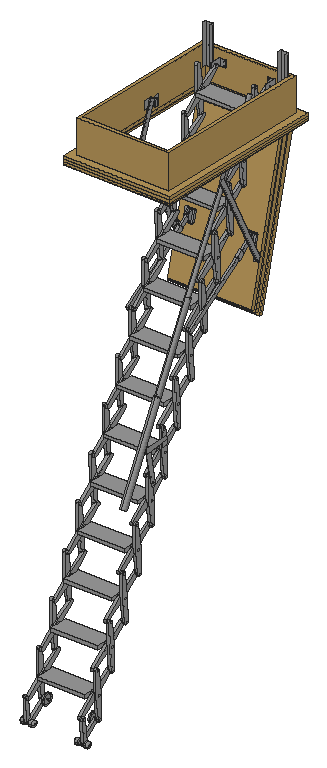
Revit family "schaartrap_Large Ei-60-H 700x1200mm", category Generic Models, Revit 2019 (continued)
Forms (mm)
  Extrusion 40, solid, material "gietaluminium" <- "schaartrap"
    sketch origin (-183, -412.96, -482.845) x (0, 1, 0) y (0, 0, 1)
      loop
        arc (1667.585, 3395.001) -> (1656.024, 3403.786) -> (1645.823, 3393.454) r 11
        arc (1645.823, 3393.454) -> (1646.917, 3221.681) -> (1670.139, 3051.482) r 1330.136
        arc (1670.139, 3051.482) -> (1681.7, 3042.698) -> (1691.901, 3053.03) r 11
      loop
        arc (1815.491, 3325.069) -> (1814.397, 3496.842) -> (1791.175, 3667.041) r 1330.136
        arc (1791.175, 3667.041) -> (1779.614, 3675.826) -> (1769.413, 3665.494) r 11
        arc (1769.413, 3665.494) -> (1770.508, 3493.721) -> (1793.73, 3323.522) r 1330.136
        arc (1793.73, 3323.522) -> (1805.29, 3314.737) -> (1815.491, 3325.069) r 11
      loop
        arc (1939.081, 3597.109) -> (1937.987, 3768.882) -> (1914.765, 3939.081) r 1330.136
        arc (1914.765, 3939.081) -> (1903.205, 3947.865) -> (1893.003, 3937.533) r 11
        arc (1893.003, 3937.533) -> (1894.098, 3765.761) -> (1917.32, 3595.562) r 1330.136
        arc (1917.32, 3595.562) -> (1928.88, 3586.777) -> (1939.081, 3597.109) r 11
      loop
        arc (2062.672, 3869.149) -> (2061.577, 4040.921) -> (2038.355, 4211.121) r 1330.136
        arc (2038.355, 4211.121) -> (2026.795, 4219.905) -> (2016.594, 4209.573) r 11
        arc (2016.594, 4209.573) -> (2017.688, 4037.801) -> (2040.91, 3867.601) r 1330.136
        arc (2040.91, 3867.601) -> (2052.471, 3858.817) -> (2062.672, 3869.149) r 11
    from 386 to 406
  Extrusion 41, solid, material "gietaluminium" <- "schaartrap"
    sketch origin (-183, -416.689, -484.101) x (0, 1, 0) y (0, 0, 1)
      loop
        circle (572.337, 606.569) r 5
      loop
        circle (424.632, 673.673) r 5.05
      loop
        circle (560.28, 776.141) r 5.05
      loop
        circle (695.927, 878.608) r 5.05
      loop
        circle (548.222, 945.712) r 5.05
      loop
        circle (683.87, 1048.18) r 5.05
      loop
        circle (819.518, 1150.648) r 5.05
      loop
        circle (671.812, 1217.752) r 5.05
      loop
        circle (807.46, 1320.22) r 5.05
      loop
        circle (943.108, 1422.688) r 5.05
      loop
        circle (795.402, 1489.792) r 5.05
      loop
        circle (931.05, 1592.26) r 5.05
      loop
        circle (1066.698, 1694.728) r 5.05
      loop
        circle (918.993, 1761.832) r 5.05
      loop
        circle (1054.64, 1864.299) r 5.05
      loop
        circle (1190.288, 1966.767) r 5.05
      loop
        circle (1178.231, 2136.339) r 5.05
      loop
        circle (1042.583, 2033.871) r 5.05
      loop
        circle (1313.879, 2238.807) r 5.05
      loop
        circle (1166.173, 2305.911) r 5.05
      loop
        circle (1301.821, 2408.379) r 5.05
      loop
        circle (1437.469, 2510.847) r 5.05
      loop
        circle (1289.763, 2577.951) r 5.05
      loop
        circle (1425.411, 2680.419) r 5.05
      loop
        circle (1561.059, 2782.886) r 5.05
      loop
        circle (1413.353, 2849.99) r 5.25
      loop
        circle (1549.001, 2952.258) r 5.05
      loop
        circle (1684.649, 3054.726) r 5.05
      loop
        circle (1536.944, 3122.03) r 5.05
      loop
        circle (1672.591, 3224.498) r 5.05
      loop
        circle (1808.239, 3326.966) r 5.05
      loop
        circle (1660.534, 3394.07) r 5.05
      loop
        circle (1796.182, 3496.538) r 5.05
      loop
        circle (1931.83, 3599.005) r 5.05
      loop
        circle (1784.124, 3666.109) r 5.05
      loop
        circle (1919.772, 3768.577) r 5.05
      loop
        circle (2055.42, 3871.045) r 5.05
      loop
        circle (1907.714, 3938.149) r 5.05
      loop
        circle (2043.362, 4040.617) r 5.05
      loop
        circle (2031.304, 4210.189) r 5.05
    from 406 to 411
  Extrusion 42, solid, material "gietaluminium" <- "schaartrap"
    sketch origin (-190, 1622.463, -24.569) x (0, 1, 0) y (0, 0, 1)
      loop
        arc (-1490.982, 115.163) -> (-1428.483, 135.606) -> (-1469.579, 186.941) r 40
        arc (-1469.579, 186.941) -> (-1505.147, 158.467) -> (-1490.982, 115.163) r 40
      loop
        arc (-1488.134, 116.796) -> (-1431.397, 136.334) -> (-1467.82, 184.023) r 37
        arc (-1467.82, 184.023) -> (-1502.233, 157.739) -> (-1488.134, 116.796) r 37
    from 359 to 370
  Extrusion 43, solid, material "gietaluminium" <- "schaartrap"
    sketch origin (0, 1622.463, -24.569) x (0, 1, 0) y (0, 0, 1)
      loop
        arc (-1467.82, 184.023) -> (-1502.233, 157.739) -> (-1488.134, 116.796) r 37
        arc (-1488.134, 116.796) -> (-1431.397, 136.334) -> (-1467.82, 184.023) r 37
    from 173 to 176.5
  Extrusion 44, solid, material "gietaluminium" <- "schaartrap"
    sketch origin (518, 1625.342, -24.566) x (0, 1, 0) y (0, 0, -1)
      loop
        circle (-1466.815, -147.037) r 5
    from 359 to 335
  Extrusion 45, solid, material "gietaluminium" <- "schaartrap"
    sketch origin (0, 1952.466, 1158.056) x (0, 0.802537, 0.596603) y (0, -0.596603, 0.802537)
      loop
        arc (615.124, 1494.243) -> (620.882, 1496.325) -> (623.482, 1501.869) r 8
        line (623.482, 1501.869) -> (624.123, 1515.854)
        arc (624.123, 1515.854) -> (622.051, 1521.601) -> (616.526, 1524.211) r 8
        line (616.526, 1524.211) -> (-60.768, 1555.236) -> (-62.141, 1525.267) -> (615.124, 1494.243)
      loop
        circle (-46.47, 1539.565) r 5.25
      loop
        circle (-26.491, 1538.65) r 5.25
      loop
        circle (-6.512, 1537.735) r 5.25
    from 223 to 238
  Extrusion 46, solid, material "gietaluminium" <- "schaartrap"
    sketch origin (0, 2015.518, 1262.726) x (0, 0.802537, 0.596603) y (0, -0.596603, 0.802537)
      loop
        line (417.371, 1449.236) -> (418.973, 1484.199) -> (365.234, 1486.661) -> (363.632, 1451.698) -> (417.371, 1449.236)
    from 220 to 241
  Extrusion 47, solid, material "gietaluminium" <- "schaartrap"
    sketch origin (0, 1079.102, 586.598) x (0, 0.994439, 0.105318) y (0, -0.105318, 0.994439)
      loop
        line (718.914, 2126.424) -> (684.295, 2102.275) -> (682.519, 2100.822)
        arc (682.519, 2100.822) -> (678.43, 2094.009) -> (678.395, 2086.064) r 15
        line (678.395, 2086.064) -> (689.392, 2045.312) -> (718.914, 2126.424)
      loop
        circle (692.877, 2089.972) r 4
    from 238 to 246
  Extrusion 48, solid, material "gietaluminium" <- "schaartrap"
    sketch origin (-23, 1090.825, 587.84) x (0, 0.994439, 0.105318) y (0, -0.105318, 0.994439)
      loop
        line (707.126, 2126.424) -> (672.506, 2102.275) -> (670.73, 2100.822)
        arc (670.73, 2100.822) -> (666.641, 2094.009) -> (666.606, 2086.064) r 15
        line (666.606, 2086.064) -> (677.603, 2045.312) -> (707.126, 2126.424)
      loop
        circle (681.088, 2089.972) r 4
    from 238 to 246
  Extrusion 49, solid, material "gietaluminium" <- "schaartrap"
    sketch origin (629, 1646.986, 0) x (0, 1, 0) y (0, 0, -1)
      loop
        circle (-1626.986, -20) r 20
    from 446 to 466
  Extrusion 50, solid, material "gietaluminium" <- "schaartrap"
    sketch origin (-223, 1646.986, 0) x (0, 1, 0) y (0, 0, 1)
      loop
        circle (-1626.986, 20) r 20
    from 446 to 466
  Sweep 51, solid, material "gietaluminium" <- "schaartrap"
    path origin (243, 1646.986, 0) x (0, 1, 0) y (0, 0, 1)
      loop
        circle (-1626.986, 20) r 20
    profile origin (243, 20, 40) x (0, 0, -1) y (1, 0, 0)
      loop
        line (7.976, 0) -> (7.976, 10)
        arc (7.976, 10) -> (2.238, 6.396) -> (0, 0) r 10.257
        line (0, 0) -> (7.976, 0)
  Extrusion 52, solid, material "gietaluminium" <- "schaartrap"
    sketch origin (0, -9.296, -482.845) x (0, 1, 0) y (0, 0, 1)
      loop
        circle (152.886, 774.885) r 21
      loop
        circle (276.477, 1046.924) r 21
      loop
        circle (400.067, 1318.964) r 21
      loop
        circle (523.657, 1591.004) r 21
      loop
        circle (647.247, 1863.043) r 21
      loop
        circle (770.837, 2135.083) r 21
      loop
        circle (894.428, 2407.123) r 21
      loop
        circle (1018.018, 2679.162) r 21
      loop
        circle (1141.608, 2951.002) r 21
      loop
        circle (1265.198, 3223.242) r 21
      loop
        circle (1388.788, 3495.282) r 21
      loop
        circle (1512.379, 3767.321) r 21
      loop
        circle (1635.969, 4039.361) r 21
    from 183 to 180
  Extrusion 53, solid, material "gietaluminium" <- "schaartrap"
    sketch origin (-7.5, 1530.532, 2585.275) x (0, 0.241922, 0.970296) y (-1, 0, 0)
      loop
        line (92.201, -280.5) -> (32.201, -280.5) -> (32.201, -315) -> (92.201, -315) -> (92.201, -280.5)
    from 0 to 3.5
  Extrusion 54, solid, material "gietaluminium" <- "schaartrap"
    sketch origin (0, 1700.252, -482.845) x (0, -1, 0) y (0, 0, 1)
      loop
        circle (1556.661, 774.885) r 5.05
      loop
        circle (1433.071, 1046.924) r 5.05
      loop
        circle (1309.481, 1318.964) r 5.05
      loop
        circle (1185.891, 1591.004) r 5.05
      loop
        circle (1062.301, 1863.043) r 5.05
      loop
        circle (938.71, 2135.083) r 5.05
      loop
        circle (815.12, 2407.123) r 5.05
      loop
        circle (691.53, 2679.162) r 5.05
      loop
        circle (567.94, 2951.002) r 5.05
      loop
        circle (444.35, 3223.242) r 5.05
      loop
        circle (320.759, 3495.282) r 5.05
      loop
        circle (197.169, 3767.321) r 5.05
      loop
        circle (73.579, 4039.361) r 5.05
    from 180 to 176.5
  Extrusion 55, solid, material "gietaluminium" <- "schaartrap", not visible
    sketch origin (183, 0, 0) x (0, 1, 0) y (0, 0, 1)
      loop
        circle (1556.661, 774.885) r 5.05
      loop
        circle (1433.071, 1046.924) r 5.05
      loop
        circle (1309.481, 1318.964) r 5.05
      loop
        circle (1185.891, 1591.004) r 5.05
      loop
        circle (1062.301, 1863.043) r 5.05
      loop
        circle (938.71, 2135.083) r 5.05
      loop
        circle (815.12, 2407.123) r 5.05
      loop
        circle (691.53, 2679.162) r 5.05
      loop
        circle (567.94, 2951.002) r 5.05
      loop
        circle (444.35, 3223.242) r 5.05
      loop
        circle (320.759, 3495.282) r 5.05
      loop
        circle (197.169, 3767.321) r 5.05
      loop
        circle (73.579, 4039.361) r 5.05
    from 180 to 176.5
  Extrusion 56, solid, material "gietaluminium" <- "schaartrap"
    sketch origin (0, -1700.252, -482.845) x (0, 1, 0) y (0, 0, 1)
      loop
        circle (1843.842, 774.885) r 5.05
      loop
        circle (1967.432, 1046.924) r 5.05
      loop
        circle (2091.022, 1318.964) r 5.05
      loop
        circle (2214.613, 1591.004) r 5.05
      loop
        circle (2338.203, 1863.043) r 5.05
      loop
        circle (2461.793, 2135.083) r 5.05
      loop
        circle (2585.383, 2407.123) r 5.05
      loop
        circle (2708.973, 2679.162) r 5.05
      loop
        circle (2832.564, 2951.002) r 5.05
      loop
        circle (2956.154, 3223.242) r 5.05
      loop
        circle (3079.744, 3495.282) r 5.05
      loop
        circle (3203.334, 3767.321) r 5.05
      loop
        circle (3326.924, 4039.361) r 5.05
    from 180 to 176.5
  Sweep 57, solid, material "gietaluminium" <- "schaartrap"
    path origin (163, 1646.986, 0) x (0, 1, 0) y (0, 0, -1)
      loop
        circle (-1626.986, -20) r 20
    profile origin (163, 20, 40) x (0, 0, 1) y (-1, 0, 0)
      loop
        line (-7.976, 0) -> (0, 0)
        arc (0, 0) -> (-2.238, 6.396) -> (-7.976, 10) r 10.257
        line (-7.976, 10) -> (-7.976, 0)
  Sweep 58, solid, material "gietaluminium" <- "schaartrap"
    path origin (-243, 1646.986, 0) x (0, 1, 0) y (0, 0, -1)
      loop
        circle (-1626.986, -20) r 20
    profile origin (-243, 20, 40) x (0, 0, 1) y (-1, 0, 0)
      loop
        line (-7.976, 0) -> (0, 0)
        arc (0, 0) -> (-2.238, 6.396) -> (-7.976, 10) r 10.257
        line (-7.976, 10) -> (-7.976, 0)
  Sweep 59, solid, material "gietaluminium" <- "schaartrap"
    path origin (-163, 1646.986, 0) x (0, 1, 0) y (0, 0, 1)
      loop
        circle (-1626.986, 20) r 20
    profile origin (-163, 20, 40) x (0, 0, -1) y (1, 0, 0)
      loop
        line (7.976, 0) -> (7.976, 10)
        arc (7.976, 10) -> (2.238, 6.396) -> (0, 0) r 10.257
        line (0, 0) -> (7.976, 0)
  Extrusion 60, solid, material "gietaluminium" <- "schaartrap"
    sketch origin (-629, 1646.986, 0) x (0, 1, 0) y (0, 0, 1)
      loop
        circle (-1626.986, 20) r 20
    from 446 to 466
  Extrusion 61, solid, material "gietaluminium" <- "schaartrap"
    sketch origin (223, 1646.986, 0) x (0, 1, 0) y (0, 0, -1)
      loop
        circle (-1626.986, -20) r 20
    from 446 to 466
  Sweep 62, solid, material "hout" <- "deksel"
    path origin (0, -107.279, 3750) x (0, 1, 0) y (-1, 0, 0)
      loop
        line (1945.599, 342.5) -> (755.599, 342.5) -> (755.599, -342.5) -> (1945.599, -342.5) -> (1945.599, 342.5)
    profile origin (0, 1838.321, 3750) x (0, 1, 0) y (0, 0, 1)
      loop
        line (0, 0) -> (-24, 0) -> (-24, -249.999) -> (0, -249.999) -> (0, 0)
  Extrusion 63, void
    sketch origin (0, 748.608, 443.5) x (0, 1, 0) y (0, 0, 1)
      loop
        circle (1047.17, 3434.035) r 5.25
      loop
        circle (1047.17, 3414.035) r 5.25
      loop
        circle (1047.17, 3394.035) r 5.25
      loop
        circle (1047.17, 3374.035) r 5.25
      loop
        circle (1047.17, 3354.035) r 5.25
      loop
        circle (1047.17, 3334.035) r 5.25
      loop
        circle (1047.17, 3314.035) r 5.25
      loop
        circle (1047.17, 3294.035) r 5.25
      loop
        circle (1047.17, 3274.035) r 5.25
      loop
        circle (1047.17, 3254.035) r 5.25
      loop
        circle (1047.17, 3234.035) r 5.25
      loop
        circle (1047.17, 3214.035) r 5.25
      loop
        circle (1047.17, 3194.035) r 5.25
      loop
        circle (1047.17, 3174.035) r 5.25
      loop
        arc (1040.712, 3159.035) -> (1034.35, 3161.67) -> (1031.715, 3168.033) r 8.998
        line (1031.715, 3168.033) -> (1026.715, 3168.033) -> (1026.715, 3153.033) -> (1040.712, 3153.033) -> (1040.712, 3159.035)
    from -292.5 to -252.5
  Extrusion 64, solid, material "gietaluminium" <- "schaartrap"
    sketch origin (16, 740.199, 566.742) x (1, 0, 0) y (0, 1, 0)
      loop
        line (-174, 1074.122) -> (-223, 1074.122) -> (-223, 994.712) -> (-219, 994.712) -> (-219, 1070.122) -> (-174, 1070.122) -> (-174, 1074.122)
    from 3070.001 to 3120.001
  Extrusion 65, solid, material "gietaluminium" <- "schaartrap"
    sketch origin (0, 739.576, 415.492) x (0, 1, 0) y (0, 0, 1)
      loop
        circle (1022.741, 3243.3) r 5.05
    from -207 to -212
  Extrusion 66, solid, material "gietaluminium" <- "schaartrap"
    sketch origin (0, 738.199, 415.492) x (0, 1, 0) y (0, 0, -1)
      loop
        circle (1024.118, -3243.3) r 5.05
    from -207 to -212
  Extrusion 67, solid, material "gietaluminium" <- "schaartrap"
    sketch origin (-16, 740.199, 566.742) x (-1, 0, 0) y (0, -1, 0)
      loop
        line (-174, -1074.122) -> (-174, -1070.122) -> (-219, -1070.122) -> (-219, -994.712) -> (-223, -994.712) -> (-223, -1074.122) -> (-174, -1074.122)
    from 3070.001 to 3120.001
  Extrusion 68, solid, material "gietaluminium" <- "schaartrap"
    sketch origin (-4822.485, -1666.008, 552.534) x (1, 0, 0) y (0, 1, 0)
      loop
        line (4512.985, 3475.327) -> (4512.985, 3448.329) -> (4514.985, 3448.329) -> (4514.985, 3475.327)
        arc (4514.985, 3475.327) -> (4515.278, 3476.035) -> (4515.986, 3476.329) r 1.001
        line (4515.986, 3476.329) -> (4566.985, 3476.329)
        arc (4566.985, 3476.329) -> (4567.692, 3476.036) -> (4567.985, 3475.329) r 1
        line (4567.985, 3475.329) -> (4567.985, 3448.329) -> (4569.985, 3448.329) -> (4569.985, 3475.329)
        arc (4569.985, 3475.329) -> (4569.106, 3477.45) -> (4566.985, 3478.329) r 3
        line (4566.985, 3478.329) -> (4515.986, 3478.329)
        arc (4515.986, 3478.329) -> (4513.864, 3477.45) -> (4512.985, 3475.327) r 3.001
    from 3050.001 to 3350.001
  Extrusion 69, void
    sketch origin (0, 748.608, 443.5) x (0, 1, 0) y (0, 0, -1)
      loop
        circle (1047.17, -3434.035) r 5.25
      loop
        circle (1047.17, -3414.035) r 5.25
      loop
        circle (1047.17, -3394.035) r 5.25
      loop
        circle (1047.17, -3374.035) r 5.25
      loop
        circle (1047.17, -3354.035) r 5.25
      loop
        circle (1047.17, -3334.035) r 5.25
      loop
        circle (1047.17, -3314.035) r 5.25
      loop
        circle (1047.17, -3294.035) r 5.25
      loop
        circle (1047.17, -3274.035) r 5.25
      loop
        circle (1047.17, -3254.035) r 5.25
      loop
        circle (1047.17, -3234.035) r 5.25
      loop
        circle (1047.17, -3214.035) r 5.25
      loop
        circle (1047.17, -3194.035) r 5.25
      loop
        circle (1047.17, -3174.035) r 5.25
      loop
        line (1040.712, -3159.035) -> (1040.712, -3153.033) -> (1026.715, -3153.033) -> (1026.715, -3168.033) -> (1031.715, -3168.033)
        arc (1031.715, -3168.033) -> (1034.35, -3161.67) -> (1040.712, -3159.035) r 8.998
    from -292.5 to -252.5
  Extrusion 70, solid, material "gietaluminium" <- "schaartrap"
    sketch origin (4822.485, -1666.008, 552.534) x (-1, 0, 0) y (0, -1, 0)
      loop
        arc (4512.985, -3475.327) -> (4513.864, -3477.45) -> (4515.986, -3478.329) r 3.001
        line (4515.986, -3478.329) -> (4566.985, -3478.329)
        arc (4566.985, -3478.329) -> (4569.106, -3477.45) -> (4569.985, -3475.329) r 3
        line (4569.985, -3475.329) -> (4569.985, -3448.329) -> (4567.985, -3448.329) -> (4567.985, -3475.329)
        arc (4567.985, -3475.329) -> (4567.692, -3476.036) -> (4566.985, -3476.329) r 1
        line (4566.985, -3476.329) -> (4515.986, -3476.329)
        arc (4515.986, -3476.329) -> (4515.278, -3476.035) -> (4514.985, -3475.327) r 1.001
        line (4514.985, -3475.327) -> (4514.985, -3448.329) -> (4512.985, -3448.329) -> (4512.985, -3475.327)
    from 3050.001 to 3350.001
  Extrusion 71, solid, material "hout" <- "deksel"
    sketch origin (0, 738.199, 500) x (1, 0, 0) y (0, 1, 0)
      loop
        line (-395, -143.878) -> (395, -143.878) -> (395, 1146.122) -> (-395, 1146.122) -> (-395, -143.878)
      loop
        line (-318.5, 1076.122) -> (-318.5, -65.878) -> (318.5, -65.878) -> (318.5, 1076.122) -> (-318.5, 1076.122)
    from 2978.001 to 3000.001
  Extrusion 72, solid, material "hout" <- "deksel"
    sketch origin (0, 738.199, 478) x (1, 0, 0) y (0, 1, 0)
      loop
        line (-395, -143.878) -> (395, -143.878) -> (395, 1146.122) -> (-395, 1146.122) -> (-395, -143.878)
      loop
        line (-333.5, 1091.122) -> (-333.5, -80.878) -> (333.5, -80.878) -> (333.5, 1091.122) -> (-333.5, 1091.122)
    from 2978.001 to 3000.001
  Extrusion 73, solid, material "hout" <- "deksel"
    sketch origin (0, 738.199, 456) x (1, 0, 0) y (0, 1, 0)
      loop
        line (-395, -143.878) -> (395, -143.878) -> (395, 1146.122) -> (-395, 1146.122) -> (-395, -143.878)
      loop
        line (-348.5, 1106.122) -> (-348.5, -95.878) -> (348.5, -95.878) -> (348.5, 1106.122) -> (-348.5, 1106.122)
    from 2974 to 3000.001
  Sweep 74, void
    path origin (0, -107.279, 3750) x (0, 1, 0) y (-1, 0, 0)
      loop
        line (1991.599, 395) -> (701.599, 395) -> (701.599, -395) -> (1991.599, -395) -> (1991.599, 395)
    profile origin (0, 1884.321, 3750) x (0, 1, 0) y (0, 0, 1)
      loop
        line (0, -310) -> (-10, -320) -> (0, -320) -> (0, -310)
  Extrusion 75, solid, material "hout" <- "deksel"
    sketch origin (0, 548.729, 517.167) x (0, 0.997564, -0.069756) y (0, 0.069756, 0.997564)
      loop
        line (1057.928, 2991.895) -> (1031.831, 2996.497) -> (826.578, 1832.454) -> (852.676, 1827.852) -> (1057.928, 2991.895)
    from -342 to 342
  Extrusion 76, solid, material "hout" <- "deksel"
    sketch origin (0, 522.517, 539.161) x (0, 0.997564, -0.069756) y (0, 0.069756, 0.997564)
      loop
        line (1056.908, 2961.612) -> (1035.735, 2965.345) -> (835.692, 1830.847) -> (856.866, 1827.113) -> (1056.908, 2961.612)
    from -327 to 327
  Extrusion 77, solid, material "hout" <- "deksel"
    sketch origin (0, 498.026, 529.808) x (0, 0.997564, -0.069756) y (0, 0.069756, 0.997564)
      loop
        line (1056.908, 2961.612) -> (1035.243, 2965.432) -> (840.409, 1860.478) -> (862.075, 1856.658) -> (1056.908, 2961.612)
    from -312 to 312
  Extrusion 78, solid, material "gietaluminium" <- "schaartrap"
    sketch origin (23.829, 1655.215, 2905.542) x (0, 0.241922, 0.970296) y (-1, 0, 0)
      loop
        line (-141.716, 229.5) -> (-141.716, 280.5)
        arc (-141.716, 280.5) -> (-144.645, 287.571) -> (-151.716, 290.5) r 10
        line (-151.716, 290.5) -> (-225.111, 290.5)
        arc (-225.111, 290.5) -> (-232.183, 287.571) -> (-235.111, 280.5) r 10
        line (-235.111, 280.5) -> (-235.111, 229.5)
        arc (-235.111, 229.5) -> (-232.183, 222.429) -> (-225.111, 219.5) r 10
        line (-225.111, 219.5) -> (-151.716, 219.5)
        arc (-151.716, 219.5) -> (-144.645, 222.429) -> (-141.716, 229.5) r 10
    from 43.5 to 51.5
  Extrusion 79, solid, material "gietaluminium" <- "schaartrap"
    sketch origin (-23.829, 1655.215, 2905.542) x (0, 0.241922, 0.970296) y (-1, 0, 0)
      loop
        arc (-141.716, -229.5) -> (-144.645, -222.429) -> (-151.716, -219.5) r 10
        line (-151.716, -219.5) -> (-225.111, -219.5)
        arc (-225.111, -219.5) -> (-232.183, -222.429) -> (-235.111, -229.5) r 10
        line (-235.111, -229.5) -> (-235.111, -280.5)
        arc (-235.111, -280.5) -> (-232.183, -287.571) -> (-225.111, -290.5) r 10
        line (-225.111, -290.5) -> (-151.716, -290.5)
        arc (-151.716, -290.5) -> (-144.645, -287.571) -> (-141.716, -280.5) r 10
        line (-141.716, -280.5) -> (-141.716, -229.5)
    from 43.5 to 51.5
  Extrusion 80, solid, material "gietaluminium" <- "schaartrap"
    sketch origin (-9.5, -1274.602, 145.838) x (0, 0.997564, -0.069756) y (0, 0.069756, 0.997564)
      loop
        arc (2604.593, 2701.275) -> (2601.513, 2697.026) -> (2602.953, 2691.98) r 6
        line (2602.953, 2691.98) -> (2630.279, 2661.491) -> (2640.698, 2720.579) -> (2604.593, 2701.275)
      loop
        circle (2616.285, 2694.421) r 4
    from -298 to -294
  Extrusion 81, solid, material "gietaluminium" <- "schaartrap"
    sketch origin (-17.5, -669.003, -81.328) x (0, 0.986366, 0.164567) y (0, -0.164567, 0.986366)
      loop
        arc (2600.078, 2322.429) -> (2616.474, 2320.156) -> (2628.749, 2331.261) r 19.571
        line (2628.749, 2331.261) -> (2408.526, 3046.126)
        arc (2408.526, 3046.126) -> (2392.13, 3048.399) -> (2379.856, 3037.293) r 19.571
        line (2379.856, 3037.293) -> (2600.078, 2322.429)
    from -294 to -290
  Extrusion 82, solid, material "gietaluminium" <- "schaartrap", not visible
    sketch origin (192.5, 2974.854, 628.682) x (0, -0.997564, -0.069756) y (0, -0.069756, 0.997564)
      loop
        arc (2604.593, 2701.275) -> (2601.513, 2697.026) -> (2602.953, 2691.98) r 6
        line (2602.953, 2691.98) -> (2630.279, 2661.491) -> (2640.698, 2720.579) -> (2604.593, 2701.275)
      loop
        circle (2616.285, 2694.421) r 4
    from -298 to -294
  Extrusion 83, solid, material "gietaluminium" <- "schaartrap", not visible
    sketch origin (200.5, 2369.255, 401.517) x (0, -0.986366, 0.164567) y (0, 0.164567, 0.986366)
      loop
        arc (2600.078, 2322.429) -> (2616.474, 2320.156) -> (2628.749, 2331.261) r 19.571
        line (2628.749, 2331.261) -> (2408.526, 3046.126)
        arc (2408.526, 3046.126) -> (2392.13, 3048.399) -> (2379.856, 3037.293) r 19.571
        line (2379.856, 3037.293) -> (2600.078, 2322.429)
    from -294 to -290
  Extrusion 84, solid, material "gietaluminium" <- "schaartrap"
    sketch origin (9.5, 1274.602, 145.838) x (0, -0.997564, -0.069756) y (0, -0.069756, 0.997564)
      loop
        line (-412.195, 2490.321) -> (-450.636, 2504.412) -> (-432.095, 2447.349) -> (-409.278, 2481.344)
        arc (-409.278, 2481.344) -> (-408.554, 2486.542) -> (-412.195, 2490.321) r 6
      loop
        circle (-422.819, 2481.906) r 4
    from -298 to -294
  Extrusion 85, solid, material "gietaluminium" <- "schaartrap"
    sketch origin (17.5, 669.003, -81.328) x (0, -0.986366, 0.164567) y (0, 0.164567, 0.986366)
      loop
        line (-385.515, 2820.55) -> (54.857, 3425.2)
        arc (54.857, 3425.2) -> (46.853, 3439.689) -> (30.607, 3442.861) r 19.571
        line (30.607, 3442.861) -> (-409.765, 2838.212)
        arc (-409.765, 2838.212) -> (-401.761, 2823.722) -> (-385.515, 2820.55) r 19.571
    from -294 to -290
  Extrusion 86, void
    sketch origin (0, 304.074, 692.856) x (0, 0.98686, -0.16158) y (0, 0.16158, 0.98686)
      loop
        circle (512.163, 3080.909) r 3.25
      loop
        circle (593.086, 3094.159) r 3.25
    from -342.5 to 342.5
  Extrusion 87, void
    sketch origin (0, 762.468, 499.999) x (0, 1, 0) y (0, 0, 1)
      loop
        circle (536.353, 3089.092) r 3.25
      loop
        circle (453.832, 2725.035) r 4
      loop
        circle (495.947, 3096.702) r 3.25
      loop
        circle (495.947, 3063.301) r 3.25
      loop
        circle (591.249, 3085.07) r 3.25
      loop
        circle (748.479, 2051.679) r 4
    from -317.5 to 318.5
  Extrusion 88, solid, material "gietaluminium" <- "schaartrap"
    sketch origin (-17.5, -1707.326, 2729.885) x (0, 0.479563, -0.877507) y (0, 0.877507, 0.479563)
      loop
        arc (694.157, 3067.234) -> (679.065, 3061.917) -> (671.094, 3048.043) r 23
        line (671.094, 3048.043) -> (878.576, 2806.65)
        arc (878.576, 2806.65) -> (893.578, 2812.208) -> (901.326, 2826.205) r 23
        line (901.326, 2826.205) -> (694.157, 3067.234)
    from -290 to -286
  Extrusion 89, solid, material "gietaluminium" <- "schaartrap"
    sketch origin (29.517, 864.418, 515.391) x (-1, 0, 0) y (0, -0.99935, -0.036054)
      loop
        line (-288.983, -615.122) -> (-284.983, -615.122) -> (-284.983, -585.029) -> (-262.945, -585.029)
        arc (-262.945, -585.029) -> (-261.558, -584.455) -> (-260.983, -583.067) r 1.962
        line (-260.983, -583.067) -> (-260.983, -567.991)
        arc (-260.983, -567.991) -> (-261.558, -566.604) -> (-262.945, -566.029) r 1.962
        line (-262.945, -566.029) -> (-266.983, -566.029) -> (-280.983, -566.029) -> (-280.983, -570.029) -> (-264.983, -570.029) -> (-264.983, -581.029) -> (-284.983, -581.029) -> (-288.983, -581.029) -> (-288.983, -615.122)
    from 3008.383 to 3062.737
  Extrusion 90, solid, material "gietaluminium" <- "schaartrap"
    sketch origin (0, -998.305, 444.999) x (0, -1, 0) y (0, 0, 1)
      loop
        line (-2245.486, 3165.001) -> (-2308.277, 3165.001) -> (-2314.307, 3135.001) -> (-2308.277, 3105.001) -> (-2245.486, 3105.001) -> (-2245.486, 3165.001)
    from -318.5 to -314.5
  Extrusion 91, solid, material "gietaluminium" <- "schaartrap"
    sketch origin (17.5, 1168.828, 2258.967) x (0, -0.734371, -0.678748) y (0, -0.678748, 0.734371)
      loop
        line (-1013.459, 878.083) -> (-729.249, 735.819)
        arc (-729.249, 735.819) -> (-717.559, 746.742) -> (-715.821, 762.646) r 23
        line (-715.821, 762.646) -> (-1000.459, 905.124)
        arc (-1000.459, 905.124) -> (-1011.976, 894.015) -> (-1013.459, 878.083) r 23
    from -290 to -286
  Extrusion 92, solid, material "gietaluminium" <- "schaartrap"
    sketch origin (0, -1488.914, 858.604) x (0, -0.98686, 0.16158) y (0, 0.16158, 0.98686)
      loop
        line (-2299.582, 3163.825) -> (-2335.167, 3156.672) -> (-2339.365, 3135.789) -> (-2345.781, 3103.868) -> (-2316.853, 3093.339) -> (-2286.635, 3099.413) -> (-2299.582, 3163.825)
    from -314.5 to -310.5
  Extrusion 93, solid, material "gietaluminium" <- "schaartrap"
    sketch origin (-29.517, 864.418, 515.391) x (1, 0, 0) y (0, 0.99935, 0.036054)
      loop
        line (-288.983, 615.122) -> (-288.983, 581.029) -> (-284.983, 581.029) -> (-264.983, 581.029) -> (-264.983, 570.029) -> (-280.983, 570.029) -> (-280.983, 566.029) -> (-266.983, 566.029) -> (-262.945, 566.029)
        arc (-262.945, 566.029) -> (-261.558, 566.604) -> (-260.983, 567.991) r 1.962
        line (-260.983, 567.991) -> (-260.983, 583.067)
        arc (-260.983, 583.067) -> (-261.558, 584.455) -> (-262.945, 585.029) r 1.962
        line (-262.945, 585.029) -> (-284.983, 585.029) -> (-284.983, 615.122) -> (-288.983, 615.122)
    from 3008.383 to 3062.737
  Extrusion 94, solid, material "gietaluminium" <- "schaartrap"
    sketch origin (0, -998.305, 444.999) x (0, -1, 0) y (0, 0, -1)
      loop
        line (-2245.486, -3165.001) -> (-2245.486, -3105.001) -> (-2308.277, -3105.001) -> (-2314.307, -3135.001) -> (-2308.277, -3165.001) -> (-2245.486, -3165.001)
    from -318.5 to -314.5
  Extrusion 95, solid, material "gietaluminium" <- "schaartrap"
    sketch origin (0, -1488.914, 858.604) x (0, -0.98686, 0.16158) y (0, -0.16158, -0.98686)
      loop
        line (-2299.582, -3163.825) -> (-2286.635, -3099.413) -> (-2316.853, -3093.339) -> (-2345.781, -3103.868) -> (-2339.365, -3135.789) -> (-2335.167, -3156.672) -> (-2299.582, -3163.825)
    from -314.5 to -310.5
  Extrusion 96, void
    sketch origin (0, 304.074, 692.856) x (0, 0.98686, -0.16158) y (0, 0.16158, 0.98686)
      loop
        circle (455.832, 2725.035) r 4
      loop
        circle (886.74, 2129.6) r 4
      loop
        circle (123.099, 1079.721) r 4
      loop
        circle (282.569, 1079.068) r 4
      loop
        circle (265.231, 1152.037) r 4
      loop
        arc (206.892, 865.491) -> (201.75, 867.849) -> (199.392, 862.707) r 4
        line (199.392, 862.707) -> (206.352, 843.957)
        arc (206.352, 843.957) -> (211.494, 841.599) -> (213.852, 846.741) r 4
        line (213.852, 846.741) -> (206.892, 865.491)
    from -342.5 to 342.5
  Extrusion 97, solid, material "gietaluminium" <- "schaartrap"
    sketch origin (0, 179.399, 192.856) x (0, 0.995163, -0.098239) y (0, 0.098239, 0.995163)
      loop
        line (280.038, 1590.328) -> (244.48, 1604.57) -> (233.326, 1576.721) -> (269.458, 1562.249)
        arc (269.458, 1562.249) -> (279.429, 1574.524) -> (280.038, 1590.328) r 25
    from 218 to 223
  Extrusion 98, solid, material "gietaluminium" <- "schaartrap", not visible
    sketch origin (0, 212.924, 638.958) x (0, 0.99482, 0.101655) y (0, -0.101655, 0.99482)
      loop
        line (280.038, 1590.328) -> (244.48, 1604.57) -> (233.326, 1576.721) -> (269.458, 1562.249)
        arc (269.458, 1562.249) -> (279.429, 1574.524) -> (280.038, 1590.328) r 25
    from 218 to 223
  Extrusion 99, void
    sketch origin (0, 0, 0) x (1, 0, 0) y (0, 0, 1)
      loop
        circle (165.3, 3675.743) r 3
      loop
        circle (165.3, 3647.743) r 3
      loop
        circle (-165.3, 3675.743) r 3
      loop
        circle (-165.3, 3647.743) r 3
    from -1814.321 to -1810.321
Cuts and joins
  joined: Extrusion 32, Extrusion 33
  joined: Extrusion 49, Sweep 57
  joined: Extrusion 50, Sweep 51
  joined: Sweep 58, Extrusion 61
  joined: Sweep 59, Extrusion 60
  Extrusion 63 cuts Extrusion 68
  Extrusion 69 cuts Extrusion 70
  Sweep 74 cuts Extrusion 73
  Extrusion 86 cuts Extrusion 9
  Extrusion 86 cuts Extrusion 40
  Extrusion 87, Extrusion 96 cuts Extrusion 88
  Extrusion 87 cuts Extrusion 89
  Extrusion 87 cuts Extrusion 90
  Extrusion 87, Extrusion 96 cuts Extrusion 91
  Extrusion 87 cuts Extrusion 92
  Extrusion 86 cuts Sweep 62
  Extrusion 96 cuts Extrusion 85
  Extrusion 96 cuts Extrusion 81
  Extrusion 96 cuts Extrusion 19
  Extrusion 96 cuts Extrusion 18
  Extrusion 96 cuts Extrusion 20
  Extrusion 96 cuts Extrusion 97
  Extrusion 99 cuts Extrusion 67
  Extrusion 99 cuts Extrusion 64
Lines and regions (mm)
  model lines, style "schaartrap stippel"
    curve 1: line (342.5, 648.321, 0) -> (-342.5, 648.321, 0)
    curve 2: line (342.5, 1838.321, 0) -> (342.5, 648.321, 0)
    curve 3: line (-342.5, 648.321, 0) -> (-342.5, 1838.321, 0)
    curve 9: line (-342.5, 1838.321, 0) -> (342.5, 1838.321, 0)
  model lines, style "schaartrap stippel", visible <- "bovenliggende treden"
    curve 4: line (-176.5, 582.701, 0) -> (-176.5, 1838.321, 0)
    curve 5: line (176.5, 582.701, 0) -> (176.5, 1838.321, 0)
    curve 6: line (-176.5, 816.478, 0) -> (176.5, 816.478, 0)
    curve 7: line (0, 585.599, 0) -> (0, 1793.321, 0)
    curve 10: line (0, 1838.321, 0) -> (25.981, 1793.321, 0)
    curve 11: line (25.981, 1793.321, 0) -> (0, 1793.321, 0)
    curve 12: line (0, 1838.321, 0) -> (-25.981, 1793.321, 0)
    curve 13: line (-25.981, 1793.321, 0) -> (0, 1793.321, 0)
    curve 14: line (-176.5, 692.888, 0) -> (176.5, 692.888, 0)
    curve 15: line (-176.5, 940.068, 0) -> (176.5, 940.068, 0)
    curve 16: line (-176.5, 1063.658, 0) -> (176.5, 1063.658, 0)
    curve 17: line (-176.5, 1187.249, 0) -> (176.5, 1187.249, 0)
    curve 18: line (-176.5, 1310.839, 0) -> (176.5, 1310.839, 0)
    curve 19: line (-176.5, 1434.429, 0) -> (176.5, 1434.429, 0)
    curve 20: line (-176.5, 1558.019, 0) -> (176.5, 1558.019, 0)
  model lines
    curve 8: line (0, 75.704, 310.098) -> (0, 1835.777, 4184.27)
    curve 21: line (0, 1884.574, 4291.678) -> (34.056, 1835.777, 4184.27)
    curve 22: line (34.056, 1835.777, 4184.27) -> (0, 1835.777, 4184.27)
    curve 23: line (-34.056, 1835.777, 4184.27) -> (0, 1835.777, 4184.27)
    curve 24: line (0, 1884.574, 4291.678) -> (-34.056, 1835.777, 4184.27)
Dimensions and locks
  equal spacing: plane 4, plane 3 "Center (Left/Right)", plane 5
  locked: plane 4 to plane 5 at 366
  plane 5 to plane 8 to plane 9 = 20 mm locked, 20 mm locked
  plane 7 to plane 6 to plane 4 = 20 mm locked, 20 mm locked
  plane 24 "bk. omtimmering" to level = 3250 mm
  equal spacing: plane 11, plane 3 "Center (Left/Right)", plane 10
  locked: plane 11 to plane 10 at 685
  plane 12 to plane 4 = 4 mm
  plane 14 to plane 15 to plane 13 = 15 mm, 15 mm
  plane 11 to plane 10 = 685 mm
  locked: plane 25 to plane 10 at 52.5
  locked: plane 11 to plane 26 at 52.5
  plane 22 to plane 21 to plane 20 = 15 mm, 15 mm
  plane 17 to plane 18 to plane 19 = 15 mm, 15 mm
  plane 29 to level = 3500 mm
  Extrusion 89 sketch curve to Extrusion 89 sketch curve = 28 mm
  Extrusion 93 sketch curve to Extrusion 93 sketch curve = 28 mm
  aligned and locked: level to plane 2
  aligned and locked: Extrusion 10 to Extrusion 9
  aligned and locked: Extrusion 40 to Extrusion 41
Automatic sketch dimensions
  Extrusion 5 sketch curve to Extrusion 5 sketch curve = 0 mm  (x12)
  Extrusion 5 sketch curve to Extrusion 5 sketch curve = 1.005 mm
  Extrusion 5 sketch curve to Extrusion 5 sketch curve = 1.759 mm
  Extrusion 5 sketch curve to Extrusion 5 sketch curve = 21.32 mm
  Extrusion 5 sketch curve to Extrusion 5 sketch curve = 2.848 mm
  Extrusion 5 sketch curve to Extrusion 5 sketch curve = 30.24 mm
  Extrusion 5 sketch curve to Extrusion 5 sketch curve = 1.633 mm
  Extrusion 6 sketch curve to Extrusion 6 sketch curve = 0 mm  (x2)
  Extrusion 6 sketch curve to Extrusion 6 sketch curve = 1.005 mm
  Extrusion 6 sketch curve to Extrusion 6 sketch curve = 21.32 mm
  Extrusion 6 sketch curve to Extrusion 6 sketch curve = 30.24 mm
  Extrusion 11 sketch curve to Extrusion 11 sketch curve = 0 mm  (x12)
  Extrusion 11 sketch curve to Extrusion 11 sketch curve = 1.005 mm
  Extrusion 11 sketch curve to Extrusion 11 sketch curve = 1.759 mm
  Extrusion 11 sketch curve to Extrusion 11 sketch curve = 21.32 mm
  Extrusion 11 sketch curve to Extrusion 11 sketch curve = 2.848 mm
  Extrusion 11 sketch curve to Extrusion 11 sketch curve = 30.24 mm
  Extrusion 11 sketch curve to Extrusion 11 sketch curve = 1.633 mm
  Extrusion 12 sketch curve to Extrusion 12 sketch curve = 0 mm  (x2)
  Extrusion 12 sketch curve to Extrusion 12 sketch curve = 1.005 mm
  Extrusion 12 sketch curve to Extrusion 12 sketch curve = 21.32 mm
  Extrusion 12 sketch curve to Extrusion 12 sketch curve = 30.24 mm
  Extrusion 13 sketch curve to Extrusion 13 sketch curve = 0 mm  (x2)
  Extrusion 13 sketch curve to Extrusion 13 sketch curve = 5 mm
  Extrusion 32 sketch curve to Extrusion 32 sketch curve = 30 mm  (x2)
  Extrusion 32 sketch curve to Extrusion 32 sketch curve = 677.975 mm
  Extrusion 33 sketch curve to Extrusion 33 sketch curve = 35 mm  (x2)
  Extrusion 33 sketch curve to Extrusion 33 sketch curve = 53.795 mm
  Extrusion 34 sketch curve to Extrusion 34 sketch curve = 86.318 mm
  Extrusion 34 sketch curve to Extrusion 34 sketch curve = 44.796 mm
  Extrusion 34 sketch curve to Extrusion 34 sketch curve = 15 mm  (x3)
  Extrusion 34 sketch curve to Extrusion 34 sketch curve = 2.295 mm  (x2)
  Extrusion 34 sketch curve to Extrusion 34 sketch curve = 42.21 mm  (x2)
  Extrusion 35 sketch curve to Extrusion 35 sketch curve = 86.318 mm
  Extrusion 35 sketch curve to Extrusion 35 sketch curve = 44.796 mm
  Extrusion 35 sketch curve to Extrusion 35 sketch curve = 15 mm  (x3)
  Extrusion 35 sketch curve to Extrusion 35 sketch curve = 2.295 mm  (x2)
  Extrusion 35 sketch curve to Extrusion 35 sketch curve = 42.21 mm  (x2)
  Extrusion 42 sketch curve to Extrusion 42 sketch curve = 0 mm  (x12)
  Extrusion 42 sketch curve to Extrusion 42 sketch curve = 1.005 mm
  Extrusion 42 sketch curve to Extrusion 42 sketch curve = 1.759 mm
  Extrusion 42 sketch curve to Extrusion 42 sketch curve = 21.32 mm
  Extrusion 42 sketch curve to Extrusion 42 sketch curve = 2.848 mm
  Extrusion 42 sketch curve to Extrusion 42 sketch curve = 30.24 mm
  Extrusion 42 sketch curve to Extrusion 42 sketch curve = 1.633 mm
  Extrusion 43 sketch curve to Extrusion 43 sketch curve = 0 mm  (x2)
  Extrusion 43 sketch curve to Extrusion 43 sketch curve = 1.005 mm
  Extrusion 43 sketch curve to Extrusion 43 sketch curve = 21.32 mm
  Extrusion 43 sketch curve to Extrusion 43 sketch curve = 30.24 mm
  Extrusion 44 sketch curve to Extrusion 44 sketch curve = 0 mm  (x2)
  Extrusion 44 sketch curve to Extrusion 44 sketch curve = 5 mm
  Extrusion 39 sketch curve to Extrusion 39 sketch curve = 0 mm  (x91)
  Extrusion 39 sketch curve to Extrusion 39 sketch curve = 123.59 mm  (x37)
  Extrusion 39 sketch curve to Extrusion 39 sketch curve = 652.834 mm
  Extrusion 39 sketch curve to Extrusion 39 sketch curve = 0.606 mm
  Extrusion 39 sketch curve to Extrusion 39 sketch curve = 12.179 mm
  Extrusion 39 sketch curve to Extrusion 39 sketch curve = 8.771 mm
  Extrusion 39 sketch curve to Extrusion 39 sketch curve = 138.404 mm
  Extrusion 39 sketch curve to Extrusion 39 sketch curve = 6.493 mm
  Extrusion 39 sketch curve to Extrusion 39 sketch curve = 6.891 mm
  Extrusion 39 sketch curve to Extrusion 39 sketch curve = 147.706 mm  (x12)
  Extrusion 39 sketch curve to Extrusion 39 sketch curve = 772.342 mm
  Extrusion 39 sketch curve to Extrusion 39 sketch curve = 272.04 mm  (x36)
  Extrusion 39 sketch curve to Extrusion 39 sketch curve = 488.09 mm
  Extrusion 39 sketch curve to Extrusion 39 sketch curve = 12.231 mm
  Extrusion 39 sketch curve to Extrusion 39 sketch curve = 91.052 mm
  Extrusion 39 sketch curve to Extrusion 39 sketch curve = 8.28 mm
  Extrusion 39 sketch curve to Extrusion 39 sketch curve = 61.044 mm
  Extrusion 39 sketch curve to Extrusion 39 sketch curve = 265.979 mm
  Extrusion 39 sketch curve to Extrusion 39 sketch curve = 67.104 mm  (x12)
  Extrusion 39 sketch curve to Extrusion 39 sketch curve = 330.148 mm
  Extrusion 39 sketch curve to Extrusion 39 sketch curve = 7.706 mm  (x13)
  Extrusion 39 sketch curve to Extrusion 39 sketch curve = 4.711 mm
  Extrusion 39 sketch curve to Extrusion 39 sketch curve = 4.897 mm  (x13)
  Extrusion 39 sketch curve to Extrusion 39 sketch curve = 0.854 mm  (x12)
  Extrusion 40 sketch curve to Extrusion 40 sketch curve = 123.59 mm  (x36)
  Extrusion 40 sketch curve to Extrusion 40 sketch curve = 911.518 mm
  Extrusion 40 sketch curve to Extrusion 40 sketch curve = 7.953 mm
  Extrusion 40 sketch curve to Extrusion 40 sketch curve = 10.745 mm  (x2)
  Extrusion 40 sketch curve to Extrusion 40 sketch curve = 14.906 mm
  Extrusion 40 sketch curve to Extrusion 40 sketch curve = 14.737 mm
  Extrusion 40 sketch curve to Extrusion 40 sketch curve = 112.595 mm
  Extrusion 40 sketch curve to Extrusion 40 sketch curve = 136.711 mm
  Extrusion 40 sketch curve to Extrusion 40 sketch curve = 147.706 mm  (x12)
  Extrusion 40 sketch curve to Extrusion 40 sketch curve = 922.014 mm
  Extrusion 40 sketch curve to Extrusion 40 sketch curve = 0.798 mm
  Extrusion 40 sketch curve to Extrusion 40 sketch curve = 105.92 mm
  Extrusion 40 sketch curve to Extrusion 40 sketch curve = 164.788 mm
  Extrusion 40 sketch curve to Extrusion 40 sketch curve = 0.764 mm
  Extrusion 40 sketch curve to Extrusion 40 sketch curve = 14.374 mm
  Extrusion 40 sketch curve to Extrusion 40 sketch curve = 262.354 mm
  Extrusion 40 sketch curve to Extrusion 40 sketch curve = 272.04 mm  (x37)
  Extrusion 40 sketch curve to Extrusion 40 sketch curve = 67.104 mm  (x12)
  Extrusion 40 sketch curve to Extrusion 40 sketch curve = 10.981 mm  (x13)
  Extrusion 40 sketch curve to Extrusion 40 sketch curve = 0 mm  (x39)
  Extrusion 41 sketch curve to Extrusion 41 sketch curve = 123.59 mm  (x13)
  Extrusion 41 sketch curve to Extrusion 41 sketch curve = 135.648 mm  (x5)
  Extrusion 41 sketch curve to Extrusion 41 sketch curve = 147.706 mm  (x13)
  Extrusion 41 sketch curve to Extrusion 41 sketch curve = 12.058 mm  (x8)
  Extrusion 41 sketch curve to Extrusion 41 sketch curve = 67.104 mm  (x12)
  Extrusion 41 sketch curve to Extrusion 41 sketch curve = 102.468 mm  (x17)
  Extrusion 41 sketch curve to Extrusion 41 sketch curve = 169.572 mm  (x8)
  Extrusion 41 sketch curve to Extrusion 41 sketch curve = 169.372 mm
  Extrusion 41 sketch curve to Extrusion 41 sketch curve = 67.304 mm
  Extrusion 1 sketch curve to Extrusion 1 sketch curve = 0 mm  (x91)
  Extrusion 1 sketch curve to Extrusion 1 sketch curve = 123.59 mm  (x37)
  Extrusion 1 sketch curve to Extrusion 1 sketch curve = 652.834 mm
  Extrusion 1 sketch curve to Extrusion 1 sketch curve = 0.606 mm
  Extrusion 1 sketch curve to Extrusion 1 sketch curve = 12.179 mm
  Extrusion 1 sketch curve to Extrusion 1 sketch curve = 8.771 mm
  Extrusion 1 sketch curve to Extrusion 1 sketch curve = 138.404 mm
  Extrusion 1 sketch curve to Extrusion 1 sketch curve = 6.493 mm
  Extrusion 1 sketch curve to Extrusion 1 sketch curve = 6.891 mm
  Extrusion 1 sketch curve to Extrusion 1 sketch curve = 147.706 mm  (x12)
  Extrusion 1 sketch curve to Extrusion 1 sketch curve = 772.342 mm
  Extrusion 1 sketch curve to Extrusion 1 sketch curve = 272.04 mm  (x36)
  Extrusion 1 sketch curve to Extrusion 1 sketch curve = 488.09 mm
  Extrusion 1 sketch curve to Extrusion 1 sketch curve = 12.231 mm
  Extrusion 1 sketch curve to Extrusion 1 sketch curve = 91.052 mm
  Extrusion 1 sketch curve to Extrusion 1 sketch curve = 8.28 mm
  Extrusion 1 sketch curve to Extrusion 1 sketch curve = 61.044 mm
  Extrusion 1 sketch curve to Extrusion 1 sketch curve = 265.979 mm
  Extrusion 1 sketch curve to Extrusion 1 sketch curve = 67.104 mm  (x12)
  Extrusion 1 sketch curve to Extrusion 1 sketch curve = 330.148 mm
  Extrusion 1 sketch curve to Extrusion 1 sketch curve = 7.706 mm  (x13)
  Extrusion 1 sketch curve to Extrusion 1 sketch curve = 4.711 mm
  Extrusion 1 sketch curve to Extrusion 1 sketch curve = 4.897 mm  (x13)
  Extrusion 1 sketch curve to Extrusion 1 sketch curve = 0.854 mm  (x12)
  Extrusion 2 sketch curve to Extrusion 2 sketch curve = 123.59 mm  (x36)
  Extrusion 2 sketch curve to Extrusion 2 sketch curve = 911.518 mm
  Extrusion 2 sketch curve to Extrusion 2 sketch curve = 7.953 mm
  Extrusion 2 sketch curve to Extrusion 2 sketch curve = 10.745 mm  (x2)
  Extrusion 2 sketch curve to Extrusion 2 sketch curve = 14.906 mm
  Extrusion 2 sketch curve to Extrusion 2 sketch curve = 14.737 mm
  Extrusion 2 sketch curve to Extrusion 2 sketch curve = 112.595 mm
  Extrusion 2 sketch curve to Extrusion 2 sketch curve = 136.711 mm
  Extrusion 2 sketch curve to Extrusion 2 sketch curve = 147.706 mm  (x12)
  Extrusion 2 sketch curve to Extrusion 2 sketch curve = 922.014 mm
  Extrusion 2 sketch curve to Extrusion 2 sketch curve = 0.798 mm
  Extrusion 2 sketch curve to Extrusion 2 sketch curve = 105.92 mm
  Extrusion 2 sketch curve to Extrusion 2 sketch curve = 164.788 mm
  Extrusion 2 sketch curve to Extrusion 2 sketch curve = 0.764 mm
  Extrusion 2 sketch curve to Extrusion 2 sketch curve = 14.374 mm
  Extrusion 2 sketch curve to Extrusion 2 sketch curve = 262.354 mm
  Extrusion 2 sketch curve to Extrusion 2 sketch curve = 272.04 mm  (x37)
  Extrusion 2 sketch curve to Extrusion 2 sketch curve = 67.104 mm  (x12)
  Extrusion 2 sketch curve to Extrusion 2 sketch curve = 10.981 mm  (x13)
  Extrusion 2 sketch curve to Extrusion 2 sketch curve = 0 mm  (x39)
  Extrusion 3 sketch curve to Extrusion 3 sketch curve = 123.59 mm  (x13)
  Extrusion 3 sketch curve to Extrusion 3 sketch curve = 135.648 mm  (x5)
  Extrusion 3 sketch curve to Extrusion 3 sketch curve = 147.706 mm  (x13)
  Extrusion 3 sketch curve to Extrusion 3 sketch curve = 12.058 mm  (x8)
  Extrusion 3 sketch curve to Extrusion 3 sketch curve = 67.104 mm  (x12)
  Extrusion 3 sketch curve to Extrusion 3 sketch curve = 102.468 mm  (x17)
  Extrusion 3 sketch curve to Extrusion 3 sketch curve = 169.572 mm  (x8)
  Extrusion 3 sketch curve to Extrusion 3 sketch curve = 169.372 mm
  Extrusion 3 sketch curve to Extrusion 3 sketch curve = 67.304 mm
  Extrusion 8 sketch curve to Extrusion 8 sketch curve = 0 mm  (x91)
  Extrusion 8 sketch curve to Extrusion 8 sketch curve = 123.59 mm  (x37)
  Extrusion 8 sketch curve to Extrusion 8 sketch curve = 652.834 mm
  Extrusion 8 sketch curve to Extrusion 8 sketch curve = 0.606 mm
  Extrusion 8 sketch curve to Extrusion 8 sketch curve = 12.179 mm
  Extrusion 8 sketch curve to Extrusion 8 sketch curve = 8.771 mm
  Extrusion 8 sketch curve to Extrusion 8 sketch curve = 138.404 mm
  Extrusion 8 sketch curve to Extrusion 8 sketch curve = 6.493 mm
  Extrusion 8 sketch curve to Extrusion 8 sketch curve = 6.891 mm
  Extrusion 8 sketch curve to Extrusion 8 sketch curve = 147.706 mm  (x12)
  Extrusion 8 sketch curve to Extrusion 8 sketch curve = 772.342 mm
  Extrusion 8 sketch curve to Extrusion 8 sketch curve = 272.04 mm  (x36)
  Extrusion 8 sketch curve to Extrusion 8 sketch curve = 488.09 mm
  Extrusion 8 sketch curve to Extrusion 8 sketch curve = 12.231 mm
  Extrusion 8 sketch curve to Extrusion 8 sketch curve = 91.052 mm
  Extrusion 8 sketch curve to Extrusion 8 sketch curve = 8.28 mm
  Extrusion 8 sketch curve to Extrusion 8 sketch curve = 61.044 mm
  Extrusion 8 sketch curve to Extrusion 8 sketch curve = 265.979 mm
  Extrusion 8 sketch curve to Extrusion 8 sketch curve = 67.104 mm  (x12)
  Extrusion 8 sketch curve to Extrusion 8 sketch curve = 330.148 mm
  Extrusion 8 sketch curve to Extrusion 8 sketch curve = 7.706 mm  (x13)
  Extrusion 8 sketch curve to Extrusion 8 sketch curve = 4.711 mm
  Extrusion 8 sketch curve to Extrusion 8 sketch curve = 4.897 mm  (x13)
  Extrusion 8 sketch curve to Extrusion 8 sketch curve = 0.854 mm  (x12)
  Extrusion 9 sketch curve to Extrusion 9 sketch curve = 123.59 mm  (x36)
  Extrusion 9 sketch curve to Extrusion 9 sketch curve = 911.518 mm
  Extrusion 9 sketch curve to Extrusion 9 sketch curve = 7.953 mm
  Extrusion 9 sketch curve to Extrusion 9 sketch curve = 10.745 mm  (x2)
  Extrusion 9 sketch curve to Extrusion 9 sketch curve = 14.906 mm
  Extrusion 9 sketch curve to Extrusion 9 sketch curve = 14.737 mm
  Extrusion 9 sketch curve to Extrusion 9 sketch curve = 112.595 mm
  Extrusion 9 sketch curve to Extrusion 9 sketch curve = 136.711 mm
  Extrusion 9 sketch curve to Extrusion 9 sketch curve = 147.706 mm  (x12)
  Extrusion 9 sketch curve to Extrusion 9 sketch curve = 922.014 mm
  Extrusion 9 sketch curve to Extrusion 9 sketch curve = 0.798 mm
  Extrusion 9 sketch curve to Extrusion 9 sketch curve = 105.92 mm
  Extrusion 9 sketch curve to Extrusion 9 sketch curve = 164.788 mm
  Extrusion 9 sketch curve to Extrusion 9 sketch curve = 0.764 mm
  Extrusion 9 sketch curve to Extrusion 9 sketch curve = 14.374 mm
  Extrusion 9 sketch curve to Extrusion 9 sketch curve = 262.354 mm
  Extrusion 9 sketch curve to Extrusion 9 sketch curve = 272.04 mm  (x37)
  Extrusion 9 sketch curve to Extrusion 9 sketch curve = 67.104 mm  (x12)
  Extrusion 9 sketch curve to Extrusion 9 sketch curve = 10.981 mm  (x13)
  Extrusion 9 sketch curve to Extrusion 9 sketch curve = 0 mm  (x39)
  Extrusion 10 sketch curve to Extrusion 10 sketch curve = 123.59 mm  (x13)
  Extrusion 10 sketch curve to Extrusion 10 sketch curve = 135.648 mm  (x5)
  Extrusion 10 sketch curve to Extrusion 10 sketch curve = 147.706 mm  (x13)
  Extrusion 10 sketch curve to Extrusion 10 sketch curve = 12.058 mm  (x8)
  Extrusion 10 sketch curve to Extrusion 10 sketch curve = 67.104 mm  (x12)
  Extrusion 10 sketch curve to Extrusion 10 sketch curve = 102.468 mm  (x17)
  Extrusion 10 sketch curve to Extrusion 10 sketch curve = 169.572 mm  (x8)
  Extrusion 10 sketch curve to Extrusion 10 sketch curve = 169.372 mm
  Extrusion 10 sketch curve to Extrusion 10 sketch curve = 67.304 mm
  Extrusion 56 sketch curve to Extrusion 56 sketch curve = 5.05 mm  (x12)
  Extrusion 56 sketch curve to Extrusion 56 sketch curve = 118.54 mm  (x11)
  Extrusion 56 sketch curve to Extrusion 56 sketch curve = 272.24 mm
  Extrusion 56 sketch curve to Extrusion 56 sketch curve = 272.04 mm  (x10)
  Extrusion 56 sketch curve to Extrusion 56 sketch curve = 123.59 mm
  Extrusion 56 sketch curve to Extrusion 56 sketch curve = 271.84 mm
  Extrusion 56 sketch curve to Extrusion 56 sketch curve = 0 mm  (x24)
  Extrusion 52 sketch curve to Extrusion 52 sketch curve = 123.59 mm  (x12)
  Extrusion 52 sketch curve to Extrusion 52 sketch curve = 272.04 mm  (x10)
  Extrusion 52 sketch curve to Extrusion 52 sketch curve = 271.84 mm
  Extrusion 52 sketch curve to Extrusion 52 sketch curve = 272.24 mm
  Extrusion 55 sketch curve to Extrusion 55 sketch curve = 5.05 mm  (x12)
  Extrusion 55 sketch curve to Extrusion 55 sketch curve = 118.54 mm  (x11)
  Extrusion 55 sketch curve to Extrusion 55 sketch curve = 272.24 mm
  Extrusion 55 sketch curve to Extrusion 55 sketch curve = 272.04 mm  (x10)
  Extrusion 55 sketch curve to Extrusion 55 sketch curve = 123.59 mm
  Extrusion 55 sketch curve to Extrusion 55 sketch curve = 271.84 mm
  Extrusion 55 sketch curve to Extrusion 55 sketch curve = 0 mm  (x24)
  Extrusion 38 sketch curve to Extrusion 38 sketch curve = 123.59 mm  (x12)
  Extrusion 38 sketch curve to Extrusion 38 sketch curve = 272.04 mm  (x10)
  Extrusion 38 sketch curve to Extrusion 38 sketch curve = 271.84 mm
  Extrusion 38 sketch curve to Extrusion 38 sketch curve = 272.24 mm
  Extrusion 54 sketch curve to Extrusion 54 sketch curve = 5.05 mm  (x12)
  Extrusion 54 sketch curve to Extrusion 54 sketch curve = 118.54 mm  (x11)
  Extrusion 54 sketch curve to Extrusion 54 sketch curve = 272.24 mm
  Extrusion 54 sketch curve to Extrusion 54 sketch curve = 272.04 mm  (x10)
  Extrusion 54 sketch curve to Extrusion 54 sketch curve = 123.59 mm
  Extrusion 54 sketch curve to Extrusion 54 sketch curve = 271.84 mm
  Extrusion 54 sketch curve to Extrusion 54 sketch curve = 0 mm  (x24)
  Extrusion 37 sketch curve to Extrusion 37 sketch curve = 123.59 mm  (x12)
  Extrusion 37 sketch curve to Extrusion 37 sketch curve = 272.04 mm  (x10)
  Extrusion 37 sketch curve to Extrusion 37 sketch curve = 271.84 mm
  Extrusion 37 sketch curve to Extrusion 37 sketch curve = 272.24 mm
  Extrusion 47 sketch curve to Extrusion 47 sketch curve = 0 mm  (x2)
  Extrusion 47 sketch curve to Extrusion 47 sketch curve = 4.124 mm
  Extrusion 47 sketch curve to Extrusion 47 sketch curve = 1.776 mm
  Extrusion 47 sketch curve to Extrusion 47 sketch curve = 10.997 mm
  Extrusion 47 sketch curve to Extrusion 47 sketch curve = 10.358 mm
  Extrusion 47 sketch curve to Extrusion 47 sketch curve = 34.619 mm
  Extrusion 47 sketch curve to Extrusion 47 sketch curve = 40.753 mm
  Extrusion 47 sketch curve to Extrusion 47 sketch curve = 3.908 mm
  Extrusion 47 sketch curve to Extrusion 47 sketch curve = 1.453 mm
  Extrusion 47 sketch curve to Extrusion 47 sketch curve = 24.15 mm
  Extrusion 48 sketch curve to Extrusion 48 sketch curve = 0 mm  (x6)
  Extrusion 48 sketch curve to Extrusion 48 sketch curve = 4.124 mm
  Extrusion 48 sketch curve to Extrusion 48 sketch curve = 1.776 mm
  Extrusion 48 sketch curve to Extrusion 48 sketch curve = 10.997 mm
  Extrusion 48 sketch curve to Extrusion 48 sketch curve = 8.582 mm
  Extrusion 48 sketch curve to Extrusion 48 sketch curve = 34.619 mm
  Extrusion 48 sketch curve to Extrusion 48 sketch curve = 40.753 mm
  Extrusion 48 sketch curve to Extrusion 48 sketch curve = 3.908 mm
  Extrusion 48 sketch curve to Extrusion 48 sketch curve = 1.453 mm
  Extrusion 48 sketch curve to Extrusion 48 sketch curve = 24.15 mm
  Extrusion 48 sketch curve to Extrusion 48 sketch curve = 3.939 mm  (x2)
  Extrusion 48 sketch curve to Extrusion 48 sketch curve = 0.695 mm
  Extrusion 46 sketch curve to Extrusion 46 sketch curve = 1.602 mm
  Extrusion 46 sketch curve to Extrusion 46 sketch curve = 53.739 mm
  Extrusion 46 sketch curve to Extrusion 46 sketch curve = 2.462 mm
  Extrusion 30 sketch curve to Extrusion 30 sketch curve = 0 mm  (x2)
  Extrusion 30 sketch curve to Extrusion 30 sketch curve = 0.941 mm
  Extrusion 30 sketch curve to Extrusion 30 sketch curve = 1.433 mm
  Extrusion 30 sketch curve to Extrusion 30 sketch curve = 19.289 mm
  Extrusion 30 sketch curve to Extrusion 30 sketch curve = 12.401 mm
  Extrusion 30 sketch curve to Extrusion 30 sketch curve = 28.793 mm
  Extrusion 30 sketch curve to Extrusion 30 sketch curve = 37.545 mm
  Extrusion 30 sketch curve to Extrusion 30 sketch curve = 6.855 mm
  Extrusion 30 sketch curve to Extrusion 30 sketch curve = 1.793 mm
  Extrusion 30 sketch curve to Extrusion 30 sketch curve = 30.865 mm
  Extrusion 31 sketch curve to Extrusion 31 sketch curve = 0 mm  (x6)
  Extrusion 31 sketch curve to Extrusion 31 sketch curve = 0.941 mm
  Extrusion 31 sketch curve to Extrusion 31 sketch curve = 1.433 mm
  Extrusion 31 sketch curve to Extrusion 31 sketch curve = 19.289 mm
  Extrusion 31 sketch curve to Extrusion 31 sketch curve = 10.968 mm
  Extrusion 31 sketch curve to Extrusion 31 sketch curve = 28.793 mm
  Extrusion 31 sketch curve to Extrusion 31 sketch curve = 37.545 mm
  Extrusion 31 sketch curve to Extrusion 31 sketch curve = 6.855 mm
  Extrusion 31 sketch curve to Extrusion 31 sketch curve = 1.793 mm
  Extrusion 31 sketch curve to Extrusion 31 sketch curve = 30.865 mm
  Extrusion 31 sketch curve to Extrusion 31 sketch curve = 3.997 mm  (x2)
  Extrusion 31 sketch curve to Extrusion 31 sketch curve = 0.146 mm
  Extrusion 29 sketch curve to Extrusion 29 sketch curve = 33.019 mm
  Extrusion 29 sketch curve to Extrusion 29 sketch curve = 17.841 mm
  Extrusion 29 sketch curve to Extrusion 29 sketch curve = 50.751 mm
  Extrusion 34 sketch curve to Extrusion 34 sketch curve = 0 mm  (x2)
  Extrusion 34 sketch curve to Extrusion 34 sketch curve = 0.941 mm
  Extrusion 34 sketch curve to Extrusion 34 sketch curve = 1.433 mm
  Extrusion 34 sketch curve to Extrusion 34 sketch curve = 19.289 mm
  Extrusion 34 sketch curve to Extrusion 34 sketch curve = 12.401 mm
  Extrusion 34 sketch curve to Extrusion 34 sketch curve = 28.793 mm
  Extrusion 34 sketch curve to Extrusion 34 sketch curve = 37.545 mm
  Extrusion 34 sketch curve to Extrusion 34 sketch curve = 6.855 mm
  Extrusion 34 sketch curve to Extrusion 34 sketch curve = 1.793 mm
  Extrusion 34 sketch curve to Extrusion 34 sketch curve = 30.865 mm
  Extrusion 35 sketch curve to Extrusion 35 sketch curve = 0 mm  (x6)
  Extrusion 35 sketch curve to Extrusion 35 sketch curve = 0.941 mm
  Extrusion 35 sketch curve to Extrusion 35 sketch curve = 1.433 mm
  Extrusion 35 sketch curve to Extrusion 35 sketch curve = 19.289 mm
  Extrusion 35 sketch curve to Extrusion 35 sketch curve = 10.968 mm
  Extrusion 35 sketch curve to Extrusion 35 sketch curve = 28.793 mm
  Extrusion 35 sketch curve to Extrusion 35 sketch curve = 37.545 mm
  Extrusion 35 sketch curve to Extrusion 35 sketch curve = 6.855 mm
  Extrusion 35 sketch curve to Extrusion 35 sketch curve = 1.793 mm
  Extrusion 35 sketch curve to Extrusion 35 sketch curve = 30.865 mm
  Extrusion 35 sketch curve to Extrusion 35 sketch curve = 3.997 mm  (x2)
  Extrusion 35 sketch curve to Extrusion 35 sketch curve = 0.146 mm
  Extrusion 33 sketch curve to Extrusion 33 sketch curve = 33.019 mm
  Extrusion 33 sketch curve to Extrusion 33 sketch curve = 17.841 mm
  Extrusion 33 sketch curve to Extrusion 33 sketch curve = 50.751 mm
  Extrusion 45 sketch curve to Extrusion 45 sketch curve = 1.373 mm
  Extrusion 45 sketch curve to Extrusion 45 sketch curve = 14.298 mm
  Extrusion 45 sketch curve to Extrusion 45 sketch curve = 19.979 mm  (x2)
  Extrusion 45 sketch curve to Extrusion 45 sketch curve = 621.636 mm
  Extrusion 45 sketch curve to Extrusion 45 sketch curve = 0.366 mm  (x3)
  Extrusion 45 sketch curve to Extrusion 45 sketch curve = 0.641 mm
  Extrusion 45 sketch curve to Extrusion 45 sketch curve = 0.395 mm
  Extrusion 45 sketch curve to Extrusion 45 sketch curve = 7.626 mm
